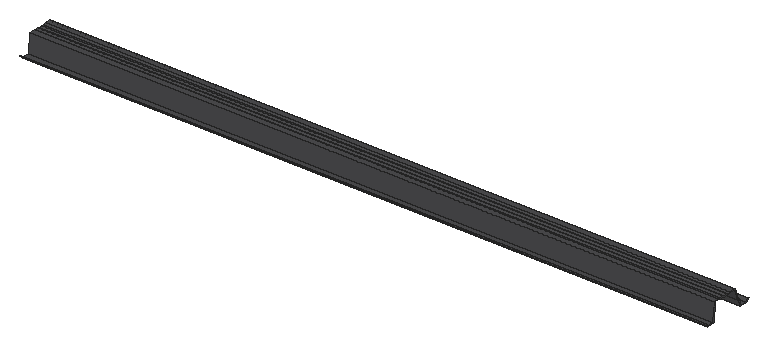
Revit family "BIMLIB_ВентилируемыйПрогон_GRANDLINE", category Обобщенные модели, Revit 2017
Family settings
  Может служить основой для арматурных стержней = Нет
  Размер круглого соединителя = Использовать диаметр
  Тип детали = Нормальный
  При загрузке вырезать с полостями = Нет
  Общий = Нет
  Точка расчета площади = Нет
Parameters (values of type "Вентилируемый прогон")
  Описание = ADSK_Наименование  # "Вентилируемый прогон"
  Кровля_Угол [instance] = 0.00°
  Изготовитель = "Grand Line"  # constant formula
  built-in parameter 1001306 [instance] = 1200 mm
  Watermark [instance] = "Модели защищены уникальным кодом"
  URL = "https://www.grandline.ru"
  BL_Разработано = "support@bimlib.pro"
  BL_Email = "info@grandline.ru"
  BL_BIM library = "https://bimlib.pro/manufacturer/company/22430"
  ADSK_Размер_Длина [instance] = [built-in parameter 1001306]  # 1200 mm
  ADSK_Обозначение = ""
  ADSK_Наименование = "Вентилируемый прогон"
  ADSK_Материал тип подсчета = 1  # constant formula
  ADSK_Материал = GL_Сталь_RAL9005
  ADSK_Масса_Текст [instance] = ""
  ADSK_Масса [instance] = 0
  ADSK_Марка = ""
  ADSK_Количество [instance] = if(ADSK_Материал тип подсчета = 0, 1, if(ADSK_Материал тип подсчета = 1, ADSK_Размер_Длина / 1000 mm, 0))  # 1.2
  ADSK_Код изделия = ""
  ADSK_Завод-изготовитель = "Grand Line"  # constant formula
  ADSK_Единица измерения = "м"  # constant formula
  ADSK_Группирование = "Доборные элементы"  # constant formula
  ADSK_Версия Revit = "2017"  # constant formula
  ADSK_URL страницы изделия = ""
  ADSK_URL документации изделия = ""
Reference planes
  plane 1 "По центру (Вперед/Назад)": y = 0
  plane 2: z = 0
  plane 3 "Слева": x = 0
  plane 4 "Справа": x = 1200
Forms (mm)
  Sweep 1, solid, material "GL_Сталь_RAL9005" <- "ADSK_Материал"
    path in 3D
      loop
        line (0, 0, 0) -> (1200, 0, 0)
    profile "Профиль_ВентилируемыйПрогон : Профиль_ВентилируемыйПрогон" origin (600, 0, 0) x (0, 1, 0) y (0, 0, 1)
      loop
        line (-22.5, 32.633) -> (-25.285, 0.8) -> (-37.466, 0.8) -> (-42.416, 5.75) -> (-42.982, 5.184) -> (-37.798, 0) -> (-24.552, 0) -> (-21.767, 31.833) -> (-12.141, 31.833) -> (-8.058, 30.347) -> (-4.064, 31.801) -> (0, 30.321) -> (4.064, 31.801) -> (8.058, 30.347) -> (12.141, 31.833) -> (21.908, 31.833) -> (27.533, 13.435) -> (31.028, 11.576) -> (33.372, 0.548) -> (46.351, 0.548) -> (51.536, 5.732) -> (50.97, 6.298) -> (46.02, 1.348) -> (34.02, 1.348) -> (31.733, 12.107) -> (28.201, 13.985) -> (22.5, 32.633) -> (12, 32.633) -> (8.058, 31.198) -> (4.064, 32.652) -> (0, 31.173) -> (-4.064, 32.652) -> (-8.058, 31.198) -> (-12, 32.633) -> (-22.5, 32.633)
Lines and regions (mm)
  reference lines
    curve 1: line (0, 0, 0) -> (1200, 0, 0)
  sketch lines
    curve 2: line (0, 0, 0) -> (1200, 0, 0)
Dimensions and locks
  "built-in parameter 1001306": plane 3 "Слева" to plane 4 "Справа"
  aligned and locked: plane 4 "Справа" to curve 1
  aligned and locked: plane 1 "По центру (Вперед/Назад)" to curve 1
  aligned and locked: plane 3 "Слева" to curve 1
  aligned and locked: level to plane 2
